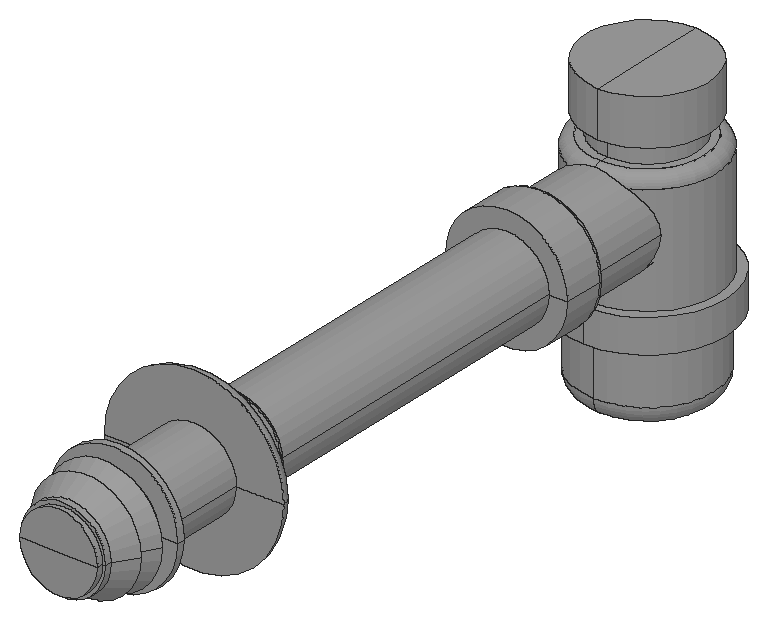
Revit family "931340001_SIFÓN BOTELLA GRIS", category Plumbing Fixtures, host Wall, Revit 2019
Family settings
  Host = Wall
  Round Connector Dimension = Use Diameter
  Part Type = Normal
  OmniClass Number = 23.60.30.11.14
  OmniClass Title = Pipework Fittings
  Always vertical = Yes
  Cut with Voids When Loaded = No
  Shared = No
  Room Calculation Point = No
Parameters (values of type "Type 1")
  URL = "https://www.grival.com/soluciones-para-agua/desagues-y-sifones/sifones-botella/sifon-botella-gris/"
  Referencia = "931340001"  # constant formula
  Profundidad = 252.4 mm
  Material = Corona_Plastico_Gris
  Fecha de creación = "30/07/2020"  # constant formula
  Fabricante = "Grival"  # constant formula
  Creado por = "IDD"  # constant formula
  Ancho = 69.987 mm
  Alto = 115.625 mm
Reference planes
  plane 1: y = 0
  plane 2 "Center (Left/Right)": x = 125
  plane 3 "Back": y = 75
  plane 4: y = 327.4
  plane 5: x = 159.993
  plane 6: x = 90.007
  plane 7: x = 155.993
  plane 8: x = 94.007
  plane 9: y = 265.4
  plane 10: y = 296.4
  plane 11: z = 450
  plane 12: z = 496.875
  plane 13: z = 381.25
Forms (mm)
  Revolve 1, solid, material "Corona_Plastico_Gris", detail levels medium+fine
    sketch origin (0, 0, 450) x (1, 0, 0) y (0, 1, 0)
      loop
        line (108.459, 75) -> (108.459, 43.671) -> (106.097, 43.671) -> (106.097, 38.671) -> (99.932, 38.671) -> (99.932, 36.002) -> (107.299, 36.002) -> (107.299, 31.002) -> (102.299, 31.002) -> (107.299, 22.342) -> (103.54, 22.342) -> (108.459, 13.822) -> (108.459, 11.342) -> (109.891, 11.342) -> (109.891, 9.087) -> (125, 9.087) -> (125, 286.593) -> (105.094, 286.593) -> (105.094, 245.139) -> (102.652, 245.139)
        arc (102.652, 245.139) -> (101.529, 244.674) -> (101.064, 243.551) r 1.587
        line (101.064, 243.551) -> (101.064, 227.758) -> (108.459, 227.758) -> (108.459, 94.672) -> (106.922, 94.672)
        arc (106.922, 94.672) -> (105.477, 94.171) -> (104.732, 92.834) r 2.149
        arc (104.732, 92.834) -> (102.497, 86.901) -> (97.986, 82.446) r 14.811
        arc (97.986, 82.446) -> (96.049, 81.367) -> (94.007, 80.506) r 20.227
        arc (94.007, 80.506) -> (91.158, 78.37) -> (90.007, 75) r 6.041
        line (90.007, 75) -> (108.459, 75)
      axis (125, 9.087) -> (125, 286.593)
    angle from 0 to 360
  Revolve 2, solid, material "Corona_Plastico_Gris", detail levels medium+fine
    sketch origin (125, 0, 0) x (0, 1, 0) y (0, 0, 1)
      loop
        line (296.4, 381.25) -> (314.558, 381.25)
        arc (314.558, 381.25) -> (320.246, 383.606) -> (322.602, 389.294) r 8.044
        line (322.602, 389.294) -> (322.602, 410.443) -> (327.4, 410.443) -> (327.4, 423.512) -> (323.54, 423.512) -> (323.54, 466.106)
        arc (323.54, 466.106) -> (322.169, 469.416) -> (318.858, 470.787) r 4.682
        line (318.858, 470.787) -> (315.683, 470.787) -> (315.683, 478.894) -> (320.371, 478.894) -> (320.371, 496.875) -> (296.4, 496.875) -> (296.4, 381.25)
      axis (296.4, 496.875) -> (296.4, 381.25)
    angle from 0 to 360
Text (mm)
  text "Placement side" at (-1787.139, 592.35, 0), in view "Ref. Level"
  text "Placement side" at (0, 1827.695, 2917.686), in view "Left"
  text "Placement side" at (0, 562.268, 3853.606), in view "Right"
Dimensions and locks
  locked: plane 3 "Back" to host wall at 0
  "Profundidad": plane 3 "Back" to plane 4
  equal spacing: plane 6, plane 2 "Center (Left/Right)", plane 5
  "Ancho": plane 6 to plane 5
  level to plane 11 = 450 mm
  "Alto": plane 12 to plane 13
  aligned and locked: host wall to plane 1
Automatic sketch dimensions
  Revolve 1 sketch curve to host wall = 0 mm
  Revolve 1 sketch curve to plane 6 = 0 mm
  Revolve 1 sketch curve to plane 8 = 0 mm  (x2)
  Revolve 1 sketch curve to plane 2 "Center (Left/Right)" = 0 mm  (x2)
  Revolve 1 sketch curve to plane 6 = 2.824 mm
  plane 6 to Revolve 1 sketch curve = 0.068 mm
  Revolve 1 sketch curve to host wall = 0.181 mm
  Revolve 1 sketch curve to Revolve 1 sketch curve = 6.038 mm
  plane 8 to Revolve 1 sketch curve = 5.925 mm
  plane 8 to Revolve 1 sketch curve = 7.058 mm
  Revolve 1 sketch curve to Revolve 1 sketch curve = 2.368 mm
  Revolve 1 sketch curve to Revolve 1 sketch curve = 1.587 mm
  Revolve 1 sketch curve to Revolve 1 sketch curve = 1.241 mm
  plane 8 to Revolve 1 sketch curve = 11.087 mm
  Revolve 1 sketch curve to Revolve 1 sketch curve = 6.165 mm
  plane 8 to Revolve 1 sketch curve = 12.851 mm
  Revolve 1 sketch curve to Revolve 1 sketch curve = 0.064 mm
  Revolve 1 sketch curve to Revolve 1 sketch curve = 1.203 mm
  Revolve 1 sketch curve to Revolve 1 sketch curve = 3.759 mm
  Revolve 1 sketch curve to Revolve 1 sketch curve = 12.415 mm
  Revolve 1 sketch curve to Revolve 1 sketch curve = 1.537 mm
  Revolve 1 sketch curve to Revolve 1 sketch curve = 1.16 mm
  Revolve 1 sketch curve to Revolve 1 sketch curve = 1.432 mm
  Revolve 1 sketch curve to host wall = 31.329 mm
  Revolve 1 sketch curve to Revolve 1 sketch curve = 5 mm  (x2)
  Revolve 1 sketch curve to Revolve 1 sketch curve = 2.669 mm
  Revolve 1 sketch curve to Revolve 1 sketch curve = 8.66 mm
  Revolve 1 sketch curve to Revolve 1 sketch curve = 8.52 mm
  Revolve 1 sketch curve to Revolve 1 sketch curve = 2.48 mm
  Revolve 1 sketch curve to Revolve 1 sketch curve = 2.255 mm
  host wall to Revolve 1 sketch curve = 17.525 mm
  Revolve 1 sketch curve to Revolve 1 sketch curve = 2.148 mm
  Revolve 1 sketch curve to Revolve 1 sketch curve = 4.578 mm
  Revolve 1 sketch curve to plane 9 = 37.642 mm
  Revolve 1 sketch curve to Revolve 1 sketch curve = 15.793 mm
  plane 9 to Revolve 1 sketch curve = 21.193 mm
  Revolve 1 sketch curve to Revolve 1 sketch curve = 0 mm
  host wall to Revolve 1 sketch curve = 65 mm
  plane 4 to Revolve 1 sketch curve = 112.6 mm
  Revolve 2 sketch curve to plane 10 = 0 mm  (x2)
  Revolve 2 sketch curve to plane 13 = 0 mm
  Revolve 2 sketch curve to plane 12 = 0 mm
  Revolve 2 sketch curve to plane 4 = 0 mm
  Revolve 2 sketch curve to plane 4 = 12.842 mm
  Revolve 2 sketch curve to plane 4 = 11.717 mm
  Revolve 2 sketch curve to Revolve 2 sketch curve = 3.175 mm
  Revolve 2 sketch curve to plane 4 = 7.029 mm
  Revolve 2 sketch curve to plane 4 = 4.798 mm
  Revolve 2 sketch curve to plane 4 = 3.86 mm
  Revolve 2 sketch curve to Revolve 2 sketch curve = 21.148 mm
  Revolve 2 sketch curve to Revolve 2 sketch curve = 13.07 mm
  plane 11 to Revolve 2 sketch curve = 16.106 mm
  Revolve 2 sketch curve to Revolve 2 sketch curve = 8.107 mm
  Revolve 2 sketch curve to Revolve 2 sketch curve = 9.375 mm
  plane 12 to Revolve 2 sketch curve = 25 mm
Nested families
  nested 1: "Family5" at (125, 75, 450) x (0, 1, 0) z (1, 0, 0), type "Family5", detail levels coarse
  nested 2: "Family6" at (125, 75, 0), type "Family6", detail levels coarse
Connectors
  piping at (125, 75, 449.999), diameter 50
    settings: on host wall, index 2, connector inside diameter 609.6 mm, connector length 0 mm, flow factor 0, pipe flow 0.0 L/s, pressure drop 0.0 Pa, fitting loss kfactor 0, connector angle 0.00°, fixture units 0, engagement length 0 mm, angle of deflection 0.00°, flow configuration 0, flow direction 0, fitting loss method 0, system type 16, joint type 0, gender type 0, connector reference index -1, connector utility 0, adjustable connector no, is connector primary yes, connector description ""
Definition of nested family "Family5"
  Reference planes
    plane 1 "Center (Front/Back)": y = 0
    plane 2: z = 0
    plane 3 "Center (Left/Right)": x = 0
  Lines and regions (mm)
    detail lines, in view "Ref. Level"
      curve 1: line (252, 14.441, 0) -> (252, -29.405, 0)
      curve 2: line (248.257, 18.184, 0) -> (246.263, 18.184, 0)
      curve 3: line (245.045, 19.402, 0) -> (245.045, 26.947, 0)
      curve 4: line (245.045, 26.947, 0) -> (248.632, 26.947, 0)
      curve 5: line (248.632, 26.947, 0) -> (248.632, 44.287, 0)
      curve 6: line (248.632, 44.287, 0) -> (200.509, 44.287, 0)
      curve 7: line (200.509, 44.287, 0) -> (200.509, 26.947, 0)
      curve 8: line (200.509, 26.947, 0) -> (245.045, 26.947, 0)
      curve 9: line (205.509, 26.947, 0) -> (199.12, 20.557, 0)
      curve 10: line (193.391, 18.184, 0) -> (178.852, 18.184, 0)
      curve 11: line (178.852, 18.184, 0) -> (178.852, 21.473, 0)
      curve 12: line (178.852, 21.473, 0) -> (161.99, 21.473, 0)
      curve 13: line (161.99, 21.473, 0) -> (161.99, -23.527, 0)
      curve 14: line (161.99, -23.527, 0) -> (178.852, -23.527, 0)
      curve 15: line (178.852, -23.527, 0) -> (178.852, 18.184, 0)
      curve 16: line (178.852, 18.184, 0) -> (178.852, -20.188, 0)
      curve 17: line (178.852, -20.188, 0) -> (184.71, -20.188, 0)
      curve 18: line (191.781, -23.117, 0) -> (198.07, -29.405, 0)
      curve 19: line (198.07, -29.405, 0) -> (193.07, -29.405, 0)
      curve 20: line (193.07, -29.405, 0) -> (193.07, -41.679, 0)
      curve 21: line (193.07, -41.679, 0) -> (252, -41.679, 0)
      curve 22: line (198.07, -41.679, 0) -> (198.07, -61.629, 0)
      curve 23: line (205.888, -69.447, 0) -> (244.469, -69.447, 0)
      curve 24: line (198.07, -29.405, 0) -> (258.07, -29.405, 0)
      curve 25: line (258.07, -29.405, 0) -> (258.07, -41.679, 0)
      curve 26: line (258.07, -41.679, 0) -> (252, -41.679, 0)
      curve 27: line (252, -41.679, 0) -> (252, -61.916, 0)
      curve 28: line (203.07, -29.405, 0) -> (203.07, -41.679, 0)
      curve 29: line (218.07, -29.405, 0) -> (218.07, -41.679, 0)
      curve 30: line (234.593, -29.405, 0) -> (234.593, -41.679, 0)
      curve 31: line (247, -29.405, 0) -> (247, -41.679, 0)
      curve 32: line (161.99, 18.184, 0) -> (174.364, 18.184, 0)
      curve 33: line (174.364, 18.184, 0) -> (174.364, 21.473, 0)
      curve 34: line (161.99, 10.013, 0) -> (173.32, 10.013, 0)
      curve 35: line (173.32, 10.013, 0) -> (173.32, 6.068, 0)
      curve 36: line (173.32, 6.068, 0) -> (161.99, 6.068, 0)
      curve 37: line (161.99, -6.761, 0) -> (173.32, -6.761, 0)
      curve 38: line (173.32, -6.761, 0) -> (173.32, -11.035, 0)
      curve 39: line (173.32, -11.035, 0) -> (161.99, -11.035, 0)
      curve 40: line (161.99, -19.688, 0) -> (174.535, -19.688, 0)
      curve 41: line (174.535, -19.688, 0) -> (174.535, -23.527, 0)
      curve 42: line (200.509, 31.469, 0) -> (202.509, 31.469, 0)
      curve 43: line (202.509, 31.469, 0) -> (202.509, 44.287, 0)
      curve 44: line (209.743, 44.287, 0) -> (209.743, 31.18, 0)
      curve 45: line (209.743, 31.18, 0) -> (214.743, 31.18, 0)
      curve 46: line (214.743, 31.18, 0) -> (214.743, 44.287, 0)
      curve 47: line (228.096, 44.287, 0) -> (228.096, 31.18, 0)
      curve 48: line (228.096, 31.18, 0) -> (233.096, 31.18, 0)
      curve 49: line (233.096, 31.18, 0) -> (233.096, 44.287, 0)
      curve 50: line (243.632, 44.287, 0) -> (243.632, 31.18, 0)
      curve 51: line (243.632, 31.18, 0) -> (248.632, 31.18, 0)
      curve 52: line (161.99, 14.897, 0) -> (19.036, 14.897, 0)
      curve 53: line (0, 14.897, 0) -> (0, -16.762, 0)
      curve 54: line (19.036, -16.762, 0) -> (161.99, -16.762, 0)
      curve 55: arc (0, 31.836, 0) -> (3.969, 31.428, 0) -> (5.709, 27.838, 0) r 4.097
      curve 56: arc (5.709, 27.838, 0) -> (6.195, 25.306, 0) -> (7.822, 23.307, 0) r 5.279
      curve 57: arc (7.822, 23.307, 0) -> (12.398, 20.463, 0) -> (17.388, 18.433, 0) r 31.758
      curve 58: arc (17.388, 18.433, 0) -> (18.994, 17.03, 0) -> (19.036, 14.897, 0) r 2.636
      curve 59: arc (0, -33.701, 0) -> (3.969, -33.293, 0) -> (5.709, -29.703, 0) r 4.097
      curve 60: arc (5.709, -29.703, 0) -> (6.195, -27.171, 0) -> (7.822, -25.172, 0) r 5.279
      curve 61: arc (7.822, -25.172, 0) -> (12.398, -22.328, 0) -> (17.388, -20.298, 0) r 31.758
      curve 62: arc (17.388, -20.298, 0) -> (18.994, -18.895, 0) -> (19.036, -16.762, 0) r 2.636
      curve 63: line (0, -33.701, 0) -> (0, 31.836, 0)
      curve 64: line (19.036, 14.897, 0) -> (19.036, -16.762, 0)
      curve 65: arc (198.07, -61.629, 0) -> (200.36, -67.157, 0) -> (205.888, -69.447, 0) r 7.818
      curve 66: arc (244.469, -69.447, 0) -> (249.794, -67.241, 0) -> (252, -61.916, 0) r 7.531
      curve 67: arc (252, 14.441, 0) -> (250.904, 17.088, 0) -> (248.257, 18.184, 0) r 3.743
      curve 68: arc (199.12, 20.557, 0) -> (196.491, 18.801, 0) -> (193.391, 18.184, 0) r 8.102
      curve 69: arc (246.263, 18.184, 0) -> (245.402, 18.541, 0) -> (245.045, 19.402, 0) r 1.218
      curve 70: arc (184.71, -20.188, 0) -> (188.537, -20.949, 0) -> (191.781, -23.117, 0) r 10
Definition of nested family "Family6"
  Reference planes
    plane 1 "Center (Front/Back)": y = 0
    plane 2: z = 0
    plane 3 "Center (Left/Right)": x = 0
    plane 4: y = 252
  Lines and regions (mm)
    detail lines, in view "Ref. Level"
      curve 1: line (-19.116, 170.92, 0) -> (-22.405, 170.92, 0)
      curve 2: line (-22.405, 170.92, 0) -> (-22.405, 151.99, 0)
      curve 3: line (-22.405, 151.99, 0) -> (22.595, 151.99, 0)
      curve 4: line (22.595, 151.99, 0) -> (22.595, 170.92, 0)
      curve 5: line (22.595, 170.92, 0) -> (-19.116, 170.92, 0)
      curve 6: line (-19.116, 151.99, 0) -> (-19.116, 167.725, 0)
      curve 7: line (-19.116, 167.725, 0) -> (-22.405, 167.725, 0)
      curve 8: line (-10.945, 151.99, 0) -> (-10.945, 166.681, 0)
      curve 9: line (-10.945, 166.681, 0) -> (-7, 166.681, 0)
      curve 10: line (-7, 166.681, 0) -> (-7, 151.99, 0)
      curve 11: line (5.829, 151.99, 0) -> (5.829, 166.681, 0)
      curve 12: line (5.829, 166.681, 0) -> (10.103, 166.681, 0)
      curve 13: line (10.103, 166.681, 0) -> (10.103, 151.99, 0)
      curve 14: line (18.755, 151.99, 0) -> (18.755, 167.896, 0)
      curve 15: line (18.755, 167.896, 0) -> (22.595, 167.896, 0)
      curve 16: line (-15.83, 193.267, 0) -> (-15.83, 170.92, 0)
      curve 17: line (-15.83, 0, 0) -> (15.83, 0, 0)
      curve 18: line (15.83, 19.036, 0) -> (15.83, 151.99, 0)
      curve 19: arc (-32.768, 0, 0) -> (-32.361, 3.969, 0) -> (-28.771, 5.709, 0) r 4.097
      curve 20: arc (-28.771, 5.709, 0) -> (-26.239, 6.195, 0) -> (-24.239, 7.822, 0) r 5.279
      curve 21: arc (-24.239, 7.822, 0) -> (-21.395, 12.398, 0) -> (-19.365, 17.388, 0) r 31.758
      curve 22: arc (-19.365, 17.388, 0) -> (-17.962, 18.994, 0) -> (-15.83, 19.036, 0) r 2.636
      curve 23: arc (32.768, 0, 0) -> (32.361, 3.969, 0) -> (28.771, 5.709, 0) r 4.097
      curve 24: arc (28.771, 5.709, 0) -> (26.239, 6.195, 0) -> (24.239, 7.822, 0) r 5.279
      curve 25: arc (24.239, 7.822, 0) -> (21.395, 12.398, 0) -> (19.365, 17.388, 0) r 31.758
      curve 26: arc (19.365, 17.388, 0) -> (17.962, 18.994, 0) -> (15.83, 19.036, 0) r 2.636
      curve 27: line (32.768, 0, 0) -> (-32.768, 0, 0)
      curve 28: line (-15.83, 19.036, 0) -> (15.83, 19.036, 0)
      curve 29: circle (0, 220.5, 0) r 31.5 normal (0, 0, 1)
      curve 30: line (-15.83, 151.99, 0) -> (-15.83, 19.036, 0)
      curve 31: line (15.83, 170.92, 0) -> (15.83, 193.267, 0)
      curve 32: circle (0, 220.5, 0) r 15.83 normal (0, 0, 1)
      curve 33: circle (0, 220.5, 0) r 22.595 normal (0, 0, 1)
      curve 34: circle (0, 220.5, 0) r 27.613 normal (0, 0, 1)
  Dimensions and locks
    plane 1 "Center (Front/Back)" to plane 4 = 252 mm
